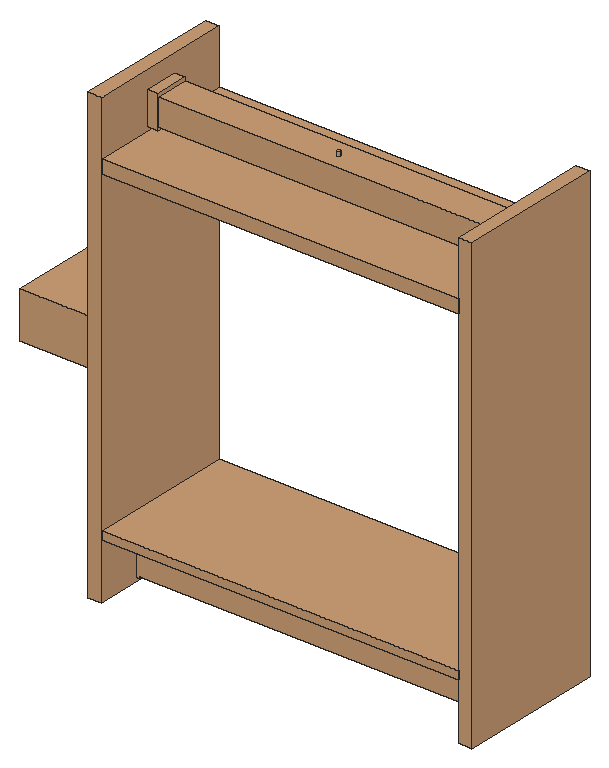
Revit family
Parameters
  Center of Unit = 0' - 0"  # constant formula
  Total Heating Capacity [instance] = 0.0 Btu/h
  Series = "VIFB"
  Outlet Area = 17.90 SF
  Lower Frame Thickness = if(Headers Height = 0' 3", 0' 1 1/4", if(Headers Height = 0' 3 1/4", 0' 1 1/4", 0' 0"))  # 0' - 1 1/4"
  Water Pressure Drop [instance] = 0.00 psi
  Water Flow [instance] = 0 GPM
  Unit Weight (lbs) = 670
  URL = "http://www.ljwing.com/"
  Water Outlet Radius = 0' - 1 1/2"
  Headers Height = if(M = 0' 1", 0' 3", if(M = 0' 1 1/2", 0' 3 1/4", 0' 0"))  # 0' - 3"
  Number of Rows = 2  # constant formula
  Number of Coils [instance] = 0
  Nominal Length = 4' - 9 5/8"
  N = 1' - 0 3/4"
  Model = "VC-5W"
  Manufacturer = "LJ Wing"
  M = 0' - 1"
  Leaving Water Temperature [instance] = 0 °F
  Leaving Air Temperature [instance] = 0 °F
  Entering Water Temperature [instance] = 0 °F
  Entering Air Temperature [instance] = 0 °F
  Description = "Vertical Integral Face & Bypass Water Heating Coils"
  Hot Water Inlet  Radius = 0' - 1 1/2"
  Coil Face Area = Outlet Area * 0.56  # 10.024 SF
  Casing Material = ""
  Assembly Code = "D3020300"
  Air Vent Radius = 0' - 0 1/4"
  Air Pressure Drop [instance] = 0.00 in-wg
  Air Inlet Width = Nominal Length - 0' 4"  # 4' - 5 5/8"
  Air Inlet Height = Y  # 4' - 0"
  Air Flow [instance] = 0 CFM
  Y = 4' - 0"
  S = 0' - 9 3/4"  # constant formula
  Product URL = "http://www.ljwing.com/html/vifb.asp"
  OmniClass = "23-75 70 21 14 "
  Nominal Height = 5' - 8"
  Nominal Depth = 1' - 10"
  R = 0' - 10 1/4"  # constant formula
  Q = 0' - 4 13/16"
Reference planes (in)
  plane 1 "Center (Front/Back)": y = 0
  plane 2: z = -24
  plane 3 "Center (Left/Right)": x = 0
  plane 4: z = 34.25
  plane 5: x = -28.8125
  plane 6: x = 28.8125
  plane 7: z = -33.75
  plane 8: z = 0
  plane 9: y = -11
  plane 10: y = 11
  plane 11: z = 24
  plane 12: z = 26
  plane 13: z = -25.25
  plane 14: x = 26.8125
  plane 15: x = -26.8125
  plane 16: x = -24
  plane 17: x = 24
  plane 18: y = 14.0625
  plane 19: x = -39.8125
  plane 20: z = 31.125
  plane 21: z = 27.125
  plane 22: y = -2.5
  plane 23: y = 2.5
  plane 24: y = -4.5
  plane 25: z = -31.375
  plane 26: x = -16.0625
  plane 27: x = 16.0625
  plane 28: z = -27.375
Forms (in)
  Extrusion 1, solid, material "Painted Finish"
    sketch origin (0, 6, -9.75) x (1, 0, 0) y (0, 0, 1)
      loop
        line (-28.8125, -24) -> (-26.8125, -24) -> (-26.8125, 44) -> (-28.8125, 44) -> (-28.8125, -24)
      loop
        line (28.8125, -24) -> (28.8125, 44) -> (26.8125, 44) -> (26.8125, -24) -> (28.8125, -24)
    from -5 to 17
  Extrusion 2, solid, material "Painted Finish"
    sketch origin (0, 6, 0) x (1, 0, 0) y (0, 0, 1)
      loop
        line (26.8125, -24) -> (-26.8125, -24) -> (-26.8125, -25.25) -> (26.8125, -25.25) -> (26.8125, -24)
      loop
        line (26.8125, 24) -> (26.8125, 26) -> (-26.8125, 26) -> (-26.8125, 24) -> (26.8125, 24)
    from -5 to 17
  Extrusion 3, solid, material "Painted Finish"
    sketch origin (0, 10, -0.5) x (1, 0, 0) y (0, 0, 1)
      loop
        line (-28.8125, 4) -> (-39.8125, 4) -> (-39.8125, -3) -> (-28.8125, -3) -> (-28.8125, 4)
    from 0 to 20
  Extrusion 4, solid, material "Painted Finish"
    sketch origin (0, 6, 0) x (1, 0, 0) y (0, 0, 1)
      loop
        line (-25.1875, 31.125) -> (-25.1875, 27.125) -> (25.1875, 27.125) -> (25.1875, 31.125) -> (-25.1875, 31.125)
    from 3.5 to 8.5
  Extrusion 5, solid, material "Painted Finish"
    sketch origin (0, 0, 0) x (1, 0, 0) y (0, 0, 1)
      loop
        line (-25.1875, 26.625) -> (-25.1875, 31.625) -> (-26.8125, 31.625) -> (-26.8125, 26.625) -> (-25.1875, 26.625)
      loop
        line (26.8125, 26.625) -> (26.8125, 31.625) -> (25.1875, 31.625) -> (25.1875, 26.625) -> (26.8125, 26.625)
    from -2.5 to 2.5
  Extrusion 6, solid, material "Painted Finish"
    sketch origin (0, 6, 0) x (1, 0, 0) y (0, 0, 1)
      loop
        line (-26.3125, -25.875) -> (-26.3125, -25.625) -> (-26.8125, -25.625) -> (-26.8125, -29.125) -> (-26.3125, -29.125) -> (-26.3125, -28.875) -> (26.3125, -28.875) -> (26.3125, -29.125) -> (26.8125, -29.125) -> (26.8125, -25.625) -> (26.3125, -25.625) -> (26.3125, -25.875) -> (-26.3125, -25.875)
      loop
        line (26.3125, -32.875) -> (26.3125, -33.125) -> (26.8125, -33.125) -> (26.8125, -29.625) -> (26.3125, -29.625) -> (26.3125, -29.875) -> (-26.3125, -29.875) -> (-26.3125, -29.625) -> (-26.8125, -29.625) -> (-26.8125, -33.125) -> (-26.3125, -33.125) -> (-26.3125, -32.875) -> (26.3125, -32.875)
    from -5 to 10.5
  Extrusion 7, void
    sketch origin (0, 0, 0) x (1, 0, 0) y (0, 0, 1)
      loop
        line (-26.8125, 24) -> (-26.8125, -24) -> (26.8125, -24) -> (26.8125, 24) -> (-26.8125, 24)
    from -11 to 11
  Extrusion 8, solid, material "Painted Finish"
    sketch origin (0, 0, 0) x (1, 0, 0) y (0, 0, 1)
      loop
        circle (16.0625, -31.375) r 1
      loop
        circle (-16.0625, -27.375) r 1
    from -14.0625 to -11
  Extrusion 9, solid, material "Painted Finish"
    sketch origin (0, 0, 0) x (1, 0, 0) y (0, 1, 0)
      loop
        circle (0, 0) r 0.25
    from 31.125 to 31.625
Cuts and joins
  Extrusion 7 cuts Extrusion 1
  Extrusion 7 cuts Extrusion 2
Dimensions and locks (in)
  "Nominal Length": plane 6 to plane 5
  equal spacing: plane 6, plane 3 "Center (Left/Right)", plane 5
  "S": plane 2 to plane 7
  "Nominal Depth": plane 10 to plane 9
  equal spacing: plane 10, plane 1 "Center (Front/Back)", plane 9
  "Y": plane 11 to plane 2
  "R": plane 4 to plane 11
  locked: plane 12 to plane 11 at 2
  "Lower Frame Thickness": plane 2 to plane 13
  "Q": plane 16 to plane 5
  "Q": plane 6 to plane 17
  locked: plane 18 to plane 10 at 3.0625
  locked: plane 5 to plane 19 at 11
  locked: Extrusion 3 sketch curve to Extrusion 3 sketch curve at 7
  locked: Extrusion 3 to Extrusion 3 at 20
  locked: plane 6 to plane 14 at 2
  locked: plane 15 to plane 5 at 2
  locked: Extrusion 5 sketch curve to plane 20 at 0.5
  locked: plane 21 to Extrusion 5 sketch curve at 0.5
  locked: plane 20 to plane 21 at 4
  locked: plane 23 to plane 22 at 5
  equal spacing: plane 23, plane 1 "Center (Front/Back)", plane 22
  locked: plane 22 to plane 24 at 2
  plane 4 to plane 7 = 5' - 8"
  locked: Extrusion 5 sketch curve to Extrusion 1 at 1.625
  locked: Extrusion 5 sketch curve to Extrusion 5 sketch curve at 1.625
  locked: Extrusion 7 sketch curve to plane 11 at 0
  locked: Extrusion 7 sketch curve to plane 15 at 0
  locked: Extrusion 7 sketch curve to plane 14 at 0
  locked: plane 15 to Extrusion 6 sketch curve at 0.5
  locked: Extrusion 6 sketch curve to Extrusion 6 sketch curve at 0.25  (x2)
  locked: plane 25 to plane 7 at 2.375
  "N": plane 26 to plane 5
  "N": plane 6 to plane 27
  locked: plane 28 to plane 7 at 6.375
  "Headers Height": Extrusion 6 sketch curve to Extrusion 6 sketch curve  (x2)
  locked: Extrusion 8 sketch curve to plane 25 at 0
  locked: Extrusion 8 sketch curve to plane 28 at 0
  locked: Extrusion 9 sketch curve to plane 1 "Center (Front/Back)" at 0
  locked: Extrusion 9 sketch curve to plane 3 "Center (Left/Right)" at 0
  equal spacing: Extrusion 6 sketch curve, plane 28, Extrusion 6 sketch curve
  equal spacing: Extrusion 6 sketch curve, plane 25, Extrusion 6 sketch curve
  locked: plane 4 to plane 20 at 3.125
  locked: Extrusion 7 sketch curve to plane 2 at 0
  equal spacing: plane 11, plane 8, plane 2
  locked: Extrusion 8 sketch curve to plane 27 at 0
  locked: Extrusion 8 sketch curve to plane 26 at 0
  "M": radius of Extrusion 8 sketch curve  (x2)
  "Air Vent Radius": radius of Extrusion 9 sketch curve
  aligned and locked: Extrusion 1 to plane 9
  aligned and locked: Extrusion 1 to plane 10
  aligned and locked: Extrusion 1 to plane 15
  aligned and locked: Extrusion 1 to plane 14
  aligned and locked: Extrusion 2 to plane 9
  aligned and locked: plane 9 to Extrusion 1
  aligned and locked: plane 10 to Extrusion 1  (x2)
  aligned and locked: Extrusion 2 to plane 10
  aligned and locked: plane 10 to Extrusion 2  (x2)
  aligned and locked: plane 9 to Extrusion 2  (x2)
  aligned and locked: plane 5 to Extrusion 3
  aligned and locked: Extrusion 5 sketch curve to plane 15
  aligned and locked: Extrusion 5 sketch curve to Extrusion 4
  aligned and locked: Extrusion 1 to Extrusion 6
  aligned and locked: plane 22 to Extrusion 5
  aligned and locked: Extrusion 5 to Extrusion 4  (x2)
  aligned and locked: Extrusion 5 to plane 23
  aligned and locked: Extrusion 6 to plane 24
  aligned and locked: Extrusion 4 to Extrusion 5  (x2)
  aligned and locked: Extrusion 5 to Extrusion 1  (x2)
  aligned and locked: Extrusion 1 to Extrusion 7  (x2)
  aligned and locked: plane 18 to Extrusion 8
  aligned and locked: Extrusion 8 to plane 10
  aligned and locked: plane 20 to Extrusion 9
  aligned and locked: Extrusion 9 to Extrusion 5
  aligned and locked: plane 2 to cut or joined group of Extrusion 2, Extrusion 7
  aligned and locked: Extrusion 1 sketch curve to plane 6
  aligned and locked: Extrusion 1 sketch curve to plane 14
  aligned and locked: Extrusion 1 sketch curve to plane 15
  aligned and locked: Extrusion 1 sketch curve to plane 5
  aligned and locked: Extrusion 1 sketch curve to plane 4  (x2)
  aligned and locked: plane 7 to Extrusion 1 sketch curve  (x2)
  aligned and locked: Extrusion 2 sketch curve to plane 11
  aligned and locked: Extrusion 2 sketch curve to plane 12
  aligned and locked: plane 2 to Extrusion 2 sketch curve
  aligned and locked: Extrusion 2 sketch curve to plane 13
  aligned and locked: Extrusion 2 sketch curve to plane 14  (x2)
  aligned and locked: Extrusion 2 sketch curve to plane 15  (x2)
  aligned and locked: plane 20 to Extrusion 4 sketch curve
  aligned and locked: Extrusion 4 sketch curve to plane 21
  aligned and locked: Extrusion 6 sketch curve to plane 14  (x2)
  aligned and locked: plane 15 to Extrusion 6 sketch curve  (x2)
Automatic sketch dimensions
  Extrusion 3 sketch curve to plane 19 = 0' - 0"
  Extrusion 3 sketch curve to plane 5 = 0' - 0"
  plane 8 to Extrusion 3 sketch curve = 0' - 3 1/2"
  Extrusion 4 sketch curve to plane 16 = 0' - 1 3/16"
  plane 17 to Extrusion 4 sketch curve = 0' - 1 3/16"
  plane 21 to Extrusion 5 sketch curve = 0' - 0 1/2"
  Extrusion 5 sketch curve to plane 20 = 0' - 0 1/2"
  plane 15 to Extrusion 6 sketch curve = 0' - 0 1/2"  (x2)
  Extrusion 6 sketch curve to Extrusion 6 sketch curve = 0' - 0 1/4"  (x5)
  Extrusion 6 sketch curve to Extrusion 6 sketch curve = 0' - 0"  (x2)
  Extrusion 6 sketch curve to plane 14 = 0' - 0 1/2"  (x2)
  Extrusion 6 sketch curve to Extrusion 6 sketch curve = 0' - 0 1/2"
  Extrusion 6 sketch curve to plane 7 = 0' - 0 5/8"
Connectors (in)
  hvac at (0, -11, 0), driven by "Air Inlet Height", driven by "Air Inlet Width", driven by "Air Flow", driven by "Air Pressure Drop"
    settings: on Extrusion 7, index 1
  hvac at (0, 11, 0), driven by "Air Pressure Drop", driven by "Air Inlet Height", driven by "Air Inlet Width", driven by "Air Flow"
    settings: on Extrusion 7, index 2
  piping at (-16.0625, 14.0625, -27.375), driven by "M", driven by "Water Flow", driven by "Water Pressure Drop"
    settings: on Extrusion 8, index 4
  piping at (16.0625, 14.0625, -31.375), driven by "Water Pressure Drop", driven by "Water Flow", driven by "M"
    settings: on Extrusion 8, index 5
